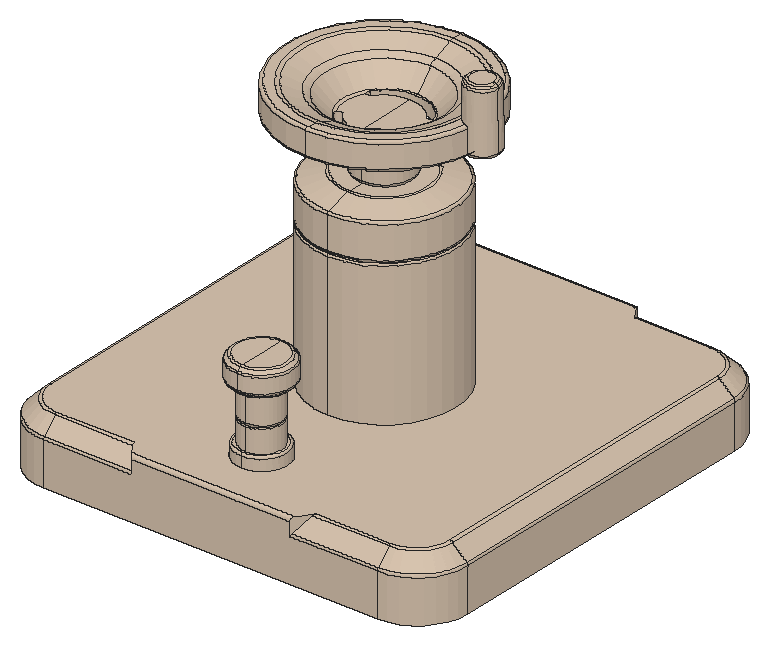
Revit family "Shower-Valve_Trim-KALLISTA-Vice-P34887", category Plumbing Fixtures, host Face, Revit 2021
Family settings
  Host = Face
  Round Connector Dimension = Use Diameter
  Part Type = Normal
  OmniClass Number = 23.31.25.00
  OmniClass Title = Toilet and Bath Specialties
  Cut with Voids When Loaded = No
  Shared = No
  Room Calculation Point = No
Parameters (values of type "AF-French Gold")
  Width = 6 1/2"  # constant formula
  WaterSense Certified = 1 = 0  # no
  Waste Water Outlet = "Waste Water Outlet"  # constant formula
  Waste Connection = 1 = 0  # no
  Vent Connection = 1 = 0  # no
  URL = "https://www.kallista.com/"
  Type = 1
  Product Page URL = ""
  Product Name = "Vice"  # constant formula
  Product Documentation Link = ""
  Pressure = 0.00 psi
  Model = if(Type = 1, "P34887-00-AF", if(Type = 2, "P34887-00-BGP", if(Type = 3, "P34887-00-CP", if(Type = 4, "P34887-00-SN", "NA"))))  # "P34887-00-AF"
  Material = "Premium Metal Construction"  # constant formula
  Master Format 2014 Name = "Residential Showers"  # constant formula
  Master Format 2014 = "22 42 23"  # constant formula
  Manufacturer Address = "444 Highland Dr, Kohler, WI 53044"  # constant formula
  Manufacturer = "Kallista Co."  # constant formula
  Length = 5.48031"  # constant formula
  Hot Water Inlet = "Hot Water Inlet"  # constant formula
  Height = 6 1/2"  # constant formula
  Handle Clearance = 3 13/64"  # constant formula
  HW Connection = 1 = 1  # yes
  Flow Rate = 0 GPM
  Finish = Kallista-Metal-AF-French_Gold
  Environmental Product Declaration = ""
  Drain Included = 1 = 0  # no
  Description = "Pressure Balance Trim Wheel With Diverter"  # constant formula
  Default Elevation = 42"
  Declare Label = ""
  Date Modified = "05/26/2024"  # constant formula
  Date Created = "05/26/2024"  # constant formula
  Copyright = "Copyright Kallista Co."  # constant formula
  Contact Us = "https://www.kallista.com/corporate/contact-us/"
  Cold Water Inlet = "Cold Water Inlet"  # constant formula
  CW Connection = 1 = 1  # yes
  Assembly Code = "D2010700"
  ADA Compliant = 1 = 0  # no
Types (5): name | Type | Model | Finish
  (no name) | 1 | "P34887-00-AF" | Kallista-Metal-AF-French_Gold
  AF-French Gold | 1 | "P34887-00-AF" | Kallista-Metal-AF-French_Gold
  BGP | 2 | "P34887-00-BGP" | Kallista-Metal-BGP
  CP-Chrome | 3 | "P34887-00-CP" | Kallista-Metal-CP-Chrome
  SN-Polished Nickel | 4 | "P34887-00-SN" | Kallista-Metal-SN-Polished_Nickel
Reference planes (in)
  plane 1 "Center (Front/Back)": y = 0
  plane 2: z = 0
  plane 3 "Center (Left/Right)": x = 0
  plane 4: y = 3.25
  plane 5: y = -3.25
  plane 6: x = -3.25
  plane 7: x = 3.25
  plane 8: x = 1.0629921
  plane 9: x = -1.0629921
  plane 10: y = 1.0629921
  plane 11: y = -1.0629921
  plane 12: z = 5.480315
  plane 13: z = 0.9015748
  plane 14: z = 2.2913386
  plane 15: y = -2.7519685
  plane 16: y = -1.8464567
  plane 17: y = -2.2992126
  plane 18: y = -2
  plane 19: y = -2.5984252
  plane 20: y = 1.475884
  plane 21: y = -1.4758876
  plane 22: x = 1.7259843
  plane 23: x = -1.4771407
  plane 24: x = -0.4527559
  plane 25: x = 0.4527559
Dimensions and locks (in)
  "Width": plane 6 to plane 7
  "Height": plane 4 to plane 5
  plane 9 to plane 8 = 2.12598"
  level to plane 13 = 0.90157"
  "Length": level to plane 12
  plane 14 to level = 2.29134"
  plane 16 to plane 15 = 0.90551"
  plane 18 to plane 19 = 0.59843"
  "Handle Clearance": plane 23 to plane 22
  aligned and locked: plane 2 to host face
  aligned and locked: level to host face
  aligned and locked: plane 1 "Center (Front/Back)" to nested 1
  aligned and locked: plane 3 "Center (Left/Right)" to nested 1
Automatic sketch dimensions
  host sketch curve to host sketch curve = 96"  (x2)
Nested families (in)
  nested 1: "P34887" at (0, 0, 0), type "P34887"
Connectors (in)
  piping at (-0.4527559, 0, 0), diameter 0.5, driven by "HW Connection", driven by "Hot Water Inlet"
    settings: on nested 1, index 1, connector inside diameter 24", connector length 0", flow factor 0, pipe flow 0 GPM, pressure drop 0.00 psi, fitting loss kfactor 0, connector angle 0.00°, fixture units 0, engagement length 0", angle of deflection 0.00°, flow configuration 0, flow direction 1, fitting loss method 0, system type 19, joint type 0, gender type 0, connector reference index -1, connector utility 1, adjustable connector no, is connector primary yes, connector description "Hot Water Inlet"
  piping at (0.4527559, 0, 0), diameter 0.5, driven by "CW Connection", driven by "Cold Water Inlet"
    settings: on nested 1, index 2, connector inside diameter 24", connector length 0", flow factor 0, pipe flow 0 GPM, pressure drop 0.00 psi, fitting loss kfactor 0, connector angle 0.00°, fixture units 0, engagement length 0", angle of deflection 0.00°, flow configuration 0, flow direction 1, fitting loss method 0, system type 20, joint type 0, gender type 0, connector reference index -1, connector utility 1, adjustable connector no, is connector primary no, connector description "Cold Water Inlet"
Definition of nested family "P34887"
  Parameters
    Material = none
    Default Elevation = 0"
  Reference planes (in)
    plane 1 "Center (Front/Back)": y = 0
    plane 2: z = 0
    plane 3 "Center (Left/Right)": x = 0
    plane 4: y = -1.0629921
    plane 5: y = 1.0629921
    plane 6: x = -3.25
    plane 7: x = 3.25
    plane 8: y = 3.25
    plane 9: y = -3.25
    plane 10: x = -1.0629921
    plane 11: x = 1.0629921
    plane 12: y = -2.2992126
    plane 13: y = -1.8464567
    plane 14: y = -2.7519685
    plane 15: x = -0.4527559
    plane 16: x = 0.4527559
    plane 17: y = -2
    plane 18: y = -2.5984252
    plane 19: x = 0.2992126
    plane 20: x = -0.2992126
    plane 21: z = 0.9015748
    plane 22: z = 5.480315
    plane 23: z = 2.2913386
    plane 24: y = 1.475884
    plane 25: y = -1.475884
    plane 26: x = 1.7259848
    plane 27: x = -1.475871
  Forms (in)
    Sweep 1, solid, material <- "Material"
      path origin (0, 0, 0) x (1, 0, 0) y (0, 1, 0)
        loop
          line (2.5019685, 3.25) -> (-2.5019685, 3.25)
          arc (-2.5019685, 3.25) -> (-3.0309066, 3.0309066) -> (-3.25, 2.5019685) r 0.7480315
          line (-3.25, 2.5019685) -> (-3.25, -2.5019685)
          arc (-3.25, -2.5019685) -> (-3.0309066, -3.0309066) -> (-2.5019685, -3.25) r 0.7480315
          line (-2.5019685, -3.25) -> (2.5019685, -3.25)
          arc (2.5019685, -3.25) -> (3.0309066, -3.0309066) -> (3.25, -2.5019685) r 0.7480315
          line (3.25, -2.5019685) -> (3.25, 2.5019685)
          arc (3.25, 2.5019685) -> (3.0309066, 3.0309066) -> (2.5019685, 3.25) r 0.7480315
      profile origin (3.25, 0, 0) x (1, 0, 0) y (0, 0, 1)
        loop
          arc (0, 0.6431219) -> (-0.0043223, 0.6648517) -> (-0.0166313, 0.6832733) r 0.0567827
          line (-0.0166313, 0.6832733) -> (-0.2177223, 0.8843643)
          arc (-0.2177223, 0.8843643) -> (-0.2367855, 0.8971019) -> (-0.2592721, 0.9015748) r 0.0587602
          line (-0.2592721, 0.9015748) -> (-0.29697, 0.9015748) -> (-0.29697, 0) -> (0, 0) -> (0, 0.6431219)
    Extrusion 2, solid, material <- "Material"
      sketch origin (0, 0, 0) x (1, 0, 0) y (0, 1, 0)
        loop
          line (2.95303, -2.5019685) -> (2.95303, 2.5019685)
          arc (2.95303, 2.5019685) -> (2.8209171, 2.8209171) -> (2.5019685, 2.95303) r 0.4510615
          line (2.5019685, 2.95303) -> (-2.5019685, 2.95303)
          arc (-2.5019685, 2.95303) -> (-2.8209171, 2.8209171) -> (-2.95303, 2.5019685) r 0.4510615
          line (-2.95303, 2.5019685) -> (-2.95303, -2.5019685)
          arc (-2.95303, -2.5019685) -> (-2.8209171, -2.8209171) -> (-2.5019685, -2.95303) r 0.4510615
          line (-2.5019685, -2.95303) -> (2.5019685, -2.95303)
          arc (2.5019685, -2.95303) -> (2.8209171, -2.8209171) -> (2.95303, -2.5019685) r 0.4510615
      from 0 to 0.9015748
    Extrusion 3, solid, material <- "Material"
      sketch origin (0, 0, 0) x (0, 1, 0) y (0, 0, 1)
        loop
          arc (-3.1909449, 0.9015748) -> (-3.2327032, 0.884278) -> (-3.25, 0.8425197) r 0.0590551
          line (-3.25, 0.8425197) -> (-3.25, 0.5932856) -> (-2.9417108, 0.9015748) -> (-3.1909449, 0.9015748)
        loop
          line (3.1909449, 0.9015748) -> (2.9417108, 0.9015748) -> (3.25, 0.5932856) -> (3.25, 0.8425197)
          arc (3.25, 0.8425197) -> (3.2327032, 0.884278) -> (3.1909449, 0.9015748) r 0.0590551
      from -1.4785255 to 1.4769251
    Revolve 4, solid, material <- "Material", detail levels medium+fine
      sketch origin (0, 0, 0) x (0, 1, 0) y (0, 0, 1)
        loop
          line (-2.2992126, 2.2786392) -> (-2.6643958, 2.2786392)
          arc (-2.6643958, 2.2786392) -> (-2.6821343, 2.2751108) -> (-2.6971723, 2.2650627) r 0.0463529
          line (-2.6971723, 2.2650627) -> (-2.7404373, 2.2217977)
          arc (-2.7404373, 2.2217977) -> (-2.7489716, 2.2090252) -> (-2.7519685, 2.1939589) r 0.0393701
          line (-2.7519685, 2.1939589) -> (-2.7519685, 1.9730804)
          arc (-2.7519685, 1.9730804) -> (-2.7489716, 1.9580141) -> (-2.7404373, 1.9452416) r 0.0393701
          line (-2.7404373, 1.9452416) -> (-2.7026884, 1.9074927)
          arc (-2.7026884, 1.9074927) -> (-2.6899159, 1.8989584) -> (-2.6748496, 1.8959615) r 0.0393701
          line (-2.6748496, 1.8959615) -> (-2.6279528, 1.8959615)
          arc (-2.6279528, 1.8959615) -> (-2.6070736, 1.8873131) -> (-2.5984252, 1.8664339) r 0.0295276
          line (-2.5984252, 1.8664339) -> (-2.5984252, 1.459817)
          arc (-2.5984252, 1.459817) -> (-2.5926596, 1.4458976) -> (-2.5787402, 1.440132) r 0.019685
          arc (-2.5787402, 1.440132) -> (-2.5926596, 1.4343664) -> (-2.5984252, 1.420447) r 0.019685
          line (-2.5984252, 1.420447) -> (-2.5984252, 1.0860393) -> (-2.6445672, 1.0860393)
          arc (-2.6445672, 1.0860393) -> (-2.665283, 1.077553) -> (-2.6740912, 1.0569721) r 0.0295276
          line (-2.6740912, 1.0569721) -> (-2.6771585, 0.8602447) -> (-2.2992126, 0.8602447) -> (-2.2992126, 2.2786392)
        axis (-2.2992126, 2.2786392) -> (-2.2992126, 0.8602447)
      angle from 0 to 360
    Revolve 5, void
      sketch origin (0, 0, 0) x (0, 1, 0) y (0, 0, 1)
        loop
          line (-2.6894617, 0.8602447) -> (-2.5724571, 0.8602447) -> (-2.5724571, 1.0572603) -> (-2.6863898, 1.0572603) -> (-2.6894617, 0.8602447)
        axis (-2.2992126, 1.0572603) -> (-2.2992126, 0.8602447)
      angle from 0 to 360
    Revolve 6, solid, material <- "Material", detail levels medium+fine
      sketch origin (0, 0, 0) x (0, 1, 0) y (0, 0, 1)
        loop
          line (1.0629921, 0.9015748) -> (1.0629921, 3.0306096)
          arc (1.0629921, 3.0306096) -> (1.0572265, 3.044529) -> (1.0433071, 3.0502947) r 0.019685
          line (1.0433071, 3.0502947) -> (0.7780673, 3.0502947)
          arc (0.7780673, 3.0502947) -> (0.7454984, 3.058147) -> (0.7200862, 3.0799784) r 0.071469
          line (0.7200862, 3.0799784) -> (1.0433071, 3.0799784)
          arc (1.0433071, 3.0799784) -> (1.0572265, 3.085744) -> (1.0629921, 3.0996634) r 0.019685
          line (1.0629921, 3.0996634) -> (1.0629921, 3.5834184)
          arc (1.0629921, 3.5834184) -> (1.0551981, 3.6069334) -> (1.0349019, 3.621138) r 0.0393701
          line (1.0349019, 3.621138) -> (0.6852022, 3.7257135)
          arc (0.6852022, 3.7257135) -> (0.6687497, 3.729357) -> (0.651943, 3.73058) r 0.1160851
          line (0.651943, 3.73058) -> (0.3971451, 3.73058)
          arc (0.3971451, 3.73058) -> (0.4168335, 3.7400819) -> (0.4250518, 3.7603397) r 0.0303936
          line (0.4250518, 3.7603397) -> (0.4311055, 4.1058966)
          arc (0.4311055, 4.1058966) -> (0.4351506, 4.1338971) -> (0.4460474, 4.1600055) r 0.1126025
          arc (0.4460474, 4.1600055) -> (0.4529123, 4.1766584) -> (0.4552533, 4.1945181) r 0.069296
          line (0.4552533, 4.1945181) -> (0.4552533, 4.2542908) -> (0.6104282, 4.2542908)
          arc (0.6104282, 4.2542908) -> (0.6265316, 4.2575121) -> (0.6401565, 4.2666804) r 0.0418608
          line (0.6401565, 4.2666804) -> (1.1117797, 4.7424185)
          arc (1.1117797, 4.7424185) -> (1.1465652, 4.7658258) -> (1.1876784, 4.7740501) r 0.1068739
          line (1.1876784, 4.7740501) -> (1.2355474, 4.7740501)
          arc (1.2355474, 4.7740501) -> (1.2912251, 4.7509876) -> (1.3142875, 4.6953099) r 0.0787402
          line (1.3142875, 4.6953099) -> (1.3142875, 4.5672024)
          arc (1.3142875, 4.5672024) -> (1.322936, 4.5463232) -> (1.3438151, 4.5376748) r 0.0295276
          line (1.3438151, 4.5376748) -> (1.4555061, 4.5376748)
          arc (1.4555061, 4.5376748) -> (1.4695352, 4.5435509) -> (1.4751887, 4.5576711) r 0.019685
          line (1.4751887, 4.5576711) -> (1.4699042, 4.8917884)
          arc (1.4699042, 4.8917884) -> (1.4581569, 4.9192239) -> (1.4305391, 4.9305358) r 0.0393701
          line (1.4305391, 4.9305358) -> (1.2885803, 4.9305358)
          arc (1.2885803, 4.9305358) -> (1.2578356, 4.92744) -> (1.2283253, 4.9182768) r 0.1542109
          line (1.2283253, 4.9182768) -> (0.960066, 4.8044075)
          arc (0.960066, 4.8044075) -> (0.9100382, 4.7766767) -> (0.8668692, 4.7391504) r 0.2736072
          line (0.8668692, 4.7391504) -> (0.6186028, 4.4729172)
          arc (0.6186028, 4.4729172) -> (0.5997083, 4.4595639) -> (0.5770563, 4.4548523) r 0.0568077
          line (0.5770563, 4.4548523) -> (0, 4.4548523) -> (0, 0.9015748) -> (1.0629921, 0.9015748)
        axis (0, 4.9305358) -> (0, 0.9015748)
      angle from 0 to 360
    Revolve 7, solid, material <- "Material", detail levels coarse
      sketch origin (0, 0, 0) x (0, 1, 0) y (0, 0, 1)
        loop
          line (1.0629921, 0.9015748) -> (1.0629921, 3.73058) -> (0.4798596, 3.73058) -> (0.4798596, 4.2542908) -> (0.6278741, 4.2542908) -> (1.1117797, 4.7424185)
          arc (1.1117797, 4.7424185) -> (1.1465652, 4.7658258) -> (1.1876784, 4.7740501) r 0.1068739
          line (1.1876784, 4.7740501) -> (1.2355474, 4.7740501)
          arc (1.2355474, 4.7740501) -> (1.2912251, 4.7509876) -> (1.3142875, 4.6953099) r 0.0787402
          line (1.3142875, 4.6953099) -> (1.3142875, 4.5672024)
          arc (1.3142875, 4.5672024) -> (1.322936, 4.5463232) -> (1.3438151, 4.5376748) r 0.0295276
          line (1.3438151, 4.5376748) -> (1.4751887, 4.5376748) -> (1.4751887, 4.9305358) -> (1.2885803, 4.9305358)
          arc (1.2885803, 4.9305358) -> (1.2578356, 4.92744) -> (1.2283253, 4.9182768) r 0.1542109
          line (1.2283253, 4.9182768) -> (0.960066, 4.8044075)
          arc (0.960066, 4.8044075) -> (0.9100382, 4.7766767) -> (0.8668692, 4.7391504) r 0.2736072
          line (0.8668692, 4.7391504) -> (0.6017569, 4.4548523) -> (0, 4.4548523) -> (0, 0.9015748) -> (1.0629921, 0.9015748)
        axis (0, 4.9305358) -> (0, 0.9015748)
      angle from 0 to 360
    Sweep 8, solid, material <- "Material", detail levels medium+fine
      path origin (0, 0, 0) x (1, 0, 0) y (0, 1, 0)
        loop
          circle (1.4728493, -0.0020668) r 0.253022
      profile origin (1.7258714, -0.0020668, 0) x (1, 0, 0) y (0, 0, 1)
        loop
          line (-0.0000039, 4.5571549) -> (-0.0149599, 5.4139814)
          arc (-0.0149599, 5.4139814) -> (-0.0185971, 5.4306135) -> (-0.0283639, 5.4445585) r 0.0433089
          line (-0.0283639, 5.4445585) -> (-0.0519487, 5.4670633)
          arc (-0.0519487, 5.4670633) -> (-0.0672125, 5.4768789) -> (-0.0850317, 5.480315) r 0.0479221
          line (-0.0850317, 5.480315) -> (-0.1266959, 5.480315) -> (-0.1266959, 4.5369086) -> (-0.0198999, 4.5369086)
          arc (-0.0198999, 4.5369086) -> (-0.0057069, 4.5428603) -> (-0.0000039, 4.5571549) r 0.019899
    Extrusion 9, solid, material <- "Material", detail levels medium+fine
      sketch origin (0, 0, 0) x (1, 0, 0) y (0, 1, 0)
        loop
          circle (1.4728493, -0.0020668) r 0.1263261
      from 4.5376748 to 5.480315
    Extrusion 10, solid, material <- "Material", detail levels coarse
      sketch origin (0, 0, 0) x (1, 0, 0) y (0, 1, 0)
        loop
          circle (1.4728493, -0.0020668) r 0.253022
      from 4.5376748 to 5.480315
    Revolve 11, solid, material <- "Material", detail levels coarse
      sketch origin (0, 0, 0) x (0, 1, 0) y (0, 0, 1)
        loop
          line (-2.2992126, 2.2786392) -> (-2.7519685, 2.2786392) -> (-2.7519685, 1.8959615) -> (-2.5984252, 1.8959615) -> (-2.5984252, 1.0860393) -> (-2.673638, 1.0860393) -> (-2.6771585, 0.8602447) -> (-2.2992126, 0.8602447) -> (-2.2992126, 2.2786392)
        axis (-2.2992126, 2.2786392) -> (-2.2992126, 0.8602447)
      angle from 0 to 360
    Extrusion 12, void
      sketch origin (0, 0, 0) x (1, 0, 0) y (0, 1, 0)
        loop
          arc (0.4966864, -0.3386575) -> (0.4818822, -0.2613372) -> (0.4044219, -0.2753907) r 0.0559388
          arc (0.4044219, -0.2753907) -> (0.0009603, -0.485916) -> (-0.4032745, -0.2768789) r 0.4936139
          arc (-0.4032745, -0.2768789) -> (-0.4787609, -0.2634017) -> (-0.4931032, -0.3387286) r 0.0545347
          arc (-0.4931032, -0.3387286) -> (0.0018106, -0.6024589) -> (0.4966864, -0.3386575) r 0.59616
        loop
          arc (0.4966864, 0.3398762) -> (0.0018106, 0.6036776) -> (-0.4931032, 0.3399473) r 0.59616
          arc (-0.4931032, 0.3399473) -> (-0.4787609, 0.2646204) -> (-0.4032745, 0.2780976) r 0.0545347
          arc (-0.4032745, 0.2780976) -> (0.0009603, 0.4871347) -> (0.4044219, 0.2766094) r 0.4936139
          arc (0.4044219, 0.2766094) -> (0.4818822, 0.2625559) -> (0.4966864, 0.3398762) r 0.0559388
      from 4.1857199 to 5.1159726
    Extrusion 13, void
      sketch origin (0, 0.0492126, 0) x (1, 0, 0) y (0, 1, 0)
        loop
          line (-1.1427275, -3.3629723) -> (-1.582877, -2.7343737) -> (-1.582877, -3.3629723) -> (-1.1427275, -3.3629723)
        loop
          line (1.1427275, -3.3629723) -> (1.582877, -3.3629723) -> (1.582877, -2.7343737) -> (1.1427275, -3.3629723)
        loop
          line (-1.1427275, 3.2645471) -> (-1.582877, 3.2645471) -> (-1.582877, 2.6359485) -> (-1.1427275, 3.2645471)
        loop
          line (1.1427275, 3.2645471) -> (1.582877, 2.6359485) -> (1.582877, 3.2645471) -> (1.1427275, 3.2645471)
      from -1.17862 to 1.8959615
    Extrusion 14, solid, material <- "Material"
      sketch origin (0, 0, 0) x (1, 0, 0) y (0, 1, 0)
        loop
          circle (-0.4527559, 0) r 0.1968504
        loop
          circle (0.4527559, 0) r 0.1968504
      from 0 to 0.1935951
  Cuts and joins
    Revolve 5 cuts Sweep 1
    Revolve 5 cuts Extrusion 2
    Revolve 5, Extrusion 13 cuts Extrusion 3
    joined: Sweep 1, Extrusion 2, Extrusion 3
    joined: Sweep 8, Extrusion 9
    Extrusion 12 cuts Revolve 6
  Lines and regions (in)
    Masking region 1
      outline origin (0, 0, 0) x (0, 1, 0) y (0, 0, 1)
        loop
          line (3.25, 0) -> (3.25, 0.8425197)
          arc (3.25, 0.8425197) -> (3.2327032, 0.884278) -> (3.1909449, 0.9015748) r 0.0590551
          line (3.1909449, 0.9015748) -> (1.0629921, 0.9015748) -> (1.0629921, 3.0296903)
          arc (1.0629921, 3.0296903) -> (1.0572265, 3.0436097) -> (1.0433071, 3.0493753) r 0.019685
          line (1.0433071, 3.0493753) -> (0.7780673, 3.0493753)
          arc (0.7780673, 3.0493753) -> (0.7454984, 3.0572276) -> (0.7200862, 3.0790591) r 0.071469
          line (0.7200862, 3.0790591) -> (1.0433071, 3.0790591)
          arc (1.0433071, 3.0790591) -> (1.0572265, 3.0848247) -> (1.0629921, 3.0987441) r 0.019685
          line (1.0629921, 3.0987441) -> (1.0629921, 3.582499)
          arc (1.0629921, 3.582499) -> (1.0551981, 3.6060141) -> (1.0349019, 3.6202186) r 0.0393701
          line (1.0349019, 3.6202186) -> (0.6852022, 3.7247942)
          arc (0.6852022, 3.7247942) -> (0.6687497, 3.7284376) -> (0.651943, 3.7296607) r 0.1160851
          line (0.651943, 3.7296607) -> (0.4324844, 3.7296607)
          arc (0.4324844, 3.7296607) -> (0.4511763, 3.7395608) -> (0.4588826, 3.7592588) r 0.0303936
          line (0.4588826, 3.7592588) -> (0.4649391, 4.1049773)
          arc (0.4649391, 4.1049773) -> (0.4689843, 4.1329777) -> (0.479881, 4.1590861) r 0.1126025
          arc (0.479881, 4.1590861) -> (0.4867459, 4.1757391) -> (0.489087, 4.1935987) r 0.069296
          line (0.489087, 4.1935987) -> (0.489087, 4.2533714) -> (0.6104282, 4.2533714)
          arc (0.6104282, 4.2533714) -> (0.6265316, 4.2565928) -> (0.6401565, 4.265761) r 0.0418608
          line (0.6401565, 4.265761) -> (0.9088069, 4.5367555) -> (1.456202, 4.5367555)
          arc (1.456202, 4.5367555) -> (1.4702424, 4.5426431) -> (1.475884, 4.556784) r 0.019685
          line (1.475884, 4.556784) -> (1.4700354, 4.8918529)
          arc (1.4700354, 4.8918529) -> (1.4582662, 4.9192465) -> (1.4306713, 4.9305358) r 0.0393701
          line (1.4306713, 4.9305358) -> (0.2878907, 4.9305358)
          arc (0.2878907, 4.9305358) -> (0.2616274, 4.937637) -> (0.2425211, 4.9570055) r 0.0521171
          line (0.2425211, 4.9570055) -> (0.2345492, 5.4137142)
          arc (0.2345492, 5.4137142) -> (0.2309147, 5.4304463) -> (0.2211512, 5.4445121) r 0.0438627
          line (0.2211512, 5.4445121) -> (0.1962985, 5.4684945)
          arc (0.1962985, 5.4684945) -> (0.1828107, 5.4772483) -> (0.1670264, 5.480315) r 0.0421549
          line (0.1670264, 5.480315) -> (0, 5.480315) -> (-0.1670264, 5.480315)
          arc (-0.1670264, 5.480315) -> (-0.1828107, 5.4772483) -> (-0.1962985, 5.4684945) r 0.0421549
          line (-0.1962985, 5.4684945) -> (-0.2211512, 5.4445121)
          arc (-0.2211512, 5.4445121) -> (-0.2309147, 5.4304463) -> (-0.2345492, 5.4137142) r 0.0438627
          line (-0.2345492, 5.4137142) -> (-0.2425211, 4.9570055)
          arc (-0.2425211, 4.9570055) -> (-0.2616274, 4.937637) -> (-0.2878907, 4.9305358) r 0.0521171
          line (-0.2878907, 4.9305358) -> (-1.4306713, 4.9305358)
          arc (-1.4306713, 4.9305358) -> (-1.4582662, 4.9192465) -> (-1.4700354, 4.8918529) r 0.0393701
          line (-1.4700354, 4.8918529) -> (-1.475884, 4.556784)
          arc (-1.475884, 4.556784) -> (-1.4702424, 4.5426431) -> (-1.456202, 4.5367555) r 0.019685
          line (-1.456202, 4.5367555) -> (-0.9088069, 4.5367555) -> (-0.6401565, 4.265761)
          arc (-0.6401565, 4.265761) -> (-0.6265316, 4.2565928) -> (-0.6104282, 4.2533714) r 0.0418608
          line (-0.6104282, 4.2533714) -> (-0.489087, 4.2533714) -> (-0.489087, 4.1935987)
          arc (-0.489087, 4.1935987) -> (-0.4867459, 4.1757391) -> (-0.479881, 4.1590861) r 0.069296
          arc (-0.479881, 4.1590861) -> (-0.4689843, 4.1329777) -> (-0.4649391, 4.1049773) r 0.1126025
          line (-0.4649391, 4.1049773) -> (-0.4588826, 3.7592588)
          arc (-0.4588826, 3.7592588) -> (-0.4511763, 3.7395608) -> (-0.4324844, 3.7296607) r 0.0303936
          line (-0.4324844, 3.7296607) -> (-0.651943, 3.7296607)
          arc (-0.651943, 3.7296607) -> (-0.6687497, 3.7284376) -> (-0.6852022, 3.7247942) r 0.1160851
          line (-0.6852022, 3.7247942) -> (-1.0349019, 3.6202186)
          arc (-1.0349019, 3.6202186) -> (-1.0551981, 3.6060141) -> (-1.0629921, 3.582499) r 0.0393701
          line (-1.0629921, 3.582499) -> (-1.0629921, 3.0987441)
          arc (-1.0629921, 3.0987441) -> (-1.0572265, 3.0848247) -> (-1.0433071, 3.0790591) r 0.019685
          line (-1.0433071, 3.0790591) -> (-0.7200862, 3.0790591)
          arc (-0.7200862, 3.0790591) -> (-0.7454984, 3.0572276) -> (-0.7780673, 3.0493753) r 0.071469
          line (-0.7780673, 3.0493753) -> (-1.0433071, 3.0493753)
          arc (-1.0433071, 3.0493753) -> (-1.0572265, 3.0436097) -> (-1.0629921, 3.0296903) r 0.019685
          line (-1.0629921, 3.0296903) -> (-1.0629921, 0.9015748) -> (-1.9219111, 0.9015748) -> (-1.924334, 1.0569721)
          arc (-1.924334, 1.0569721) -> (-1.9331422, 1.077553) -> (-1.953858, 1.0860393) r 0.0295276
          line (-1.953858, 1.0860393) -> (-2, 1.0860393) -> (-2, 1.420447)
          arc (-2, 1.420447) -> (-2.0057656, 1.4343664) -> (-2.019685, 1.440132) r 0.019685
          arc (-2.019685, 1.440132) -> (-2.0057656, 1.4458976) -> (-2, 1.459817) r 0.019685
          line (-2, 1.459817) -> (-2, 1.8664339)
          arc (-2, 1.8664339) -> (-1.9913516, 1.8873131) -> (-1.9704724, 1.8959615) r 0.0295276
          line (-1.9704724, 1.8959615) -> (-1.9235756, 1.8959615)
          arc (-1.9235756, 1.8959615) -> (-1.9085093, 1.8989584) -> (-1.8957368, 1.9074927) r 0.0393701
          line (-1.8957368, 1.9074927) -> (-1.8579879, 1.9452416)
          arc (-1.8579879, 1.9452416) -> (-1.8494536, 1.9580141) -> (-1.8464567, 1.9730804) r 0.0393701
          line (-1.8464567, 1.9730804) -> (-1.8464567, 2.1939589)
          arc (-1.8464567, 2.1939589) -> (-1.8494536, 2.2090252) -> (-1.8579879, 2.2217977) r 0.0393701
          line (-1.8579879, 2.2217977) -> (-1.9159975, 2.2798074)
          arc (-1.9159975, 2.2798074) -> (-1.9287701, 2.2883417) -> (-1.9438364, 2.2913386) r 0.0393701
          line (-1.9438364, 2.2913386) -> (-2.2992126, 2.2913386) -> (-2.6545888, 2.2913386)
          arc (-2.6545888, 2.2913386) -> (-2.6696551, 2.2883417) -> (-2.6824277, 2.2798074) r 0.0393701
          line (-2.6824277, 2.2798074) -> (-2.7404373, 2.2217977)
          arc (-2.7404373, 2.2217977) -> (-2.7489716, 2.2090252) -> (-2.7519685, 2.1939589) r 0.0393701
          line (-2.7519685, 2.1939589) -> (-2.7519685, 1.9730804)
          arc (-2.7519685, 1.9730804) -> (-2.7489716, 1.9580141) -> (-2.7404373, 1.9452416) r 0.0393701
          line (-2.7404373, 1.9452416) -> (-2.7026884, 1.9074927)
          arc (-2.7026884, 1.9074927) -> (-2.6899159, 1.8989584) -> (-2.6748496, 1.8959615) r 0.0393701
          line (-2.6748496, 1.8959615) -> (-2.6279528, 1.8959615)
          arc (-2.6279528, 1.8959615) -> (-2.6070736, 1.8873131) -> (-2.5984252, 1.8664339) r 0.0295276
          line (-2.5984252, 1.8664339) -> (-2.5984252, 1.459817)
          arc (-2.5984252, 1.459817) -> (-2.5926596, 1.4458976) -> (-2.5787402, 1.440132) r 0.019685
          arc (-2.5787402, 1.440132) -> (-2.5926596, 1.4343664) -> (-2.5984252, 1.420447) r 0.019685
          line (-2.5984252, 1.420447) -> (-2.5984252, 1.0860393) -> (-2.6445672, 1.0860393)
          arc (-2.6445672, 1.0860393) -> (-2.665283, 1.077553) -> (-2.6740912, 1.0569721) r 0.0295276
          line (-2.6740912, 1.0569721) -> (-2.6765141, 0.9015748) -> (-3.1909449, 0.9015748)
          arc (-3.1909449, 0.9015748) -> (-3.2327032, 0.884278) -> (-3.25, 0.8425197) r 0.0590551
          line (-3.25, 0.8425197) -> (-3.25, 0) -> (0, 0) -> (3.25, 0)
    Masking region 2
      outline origin (0, 0, 0) x (1, 0, 0) y (0, 1, 0)
        loop
          line (0, 3.25) -> (-2.5019685, 3.25)
          arc (-2.5019685, 3.25) -> (-3.0309066, 3.0309066) -> (-3.25, 2.5019685) r 0.7480315
          line (-3.25, 2.5019685) -> (-3.25, 0) -> (-3.25, -2.5019685)
          arc (-3.25, -2.5019685) -> (-3.0309066, -3.0309066) -> (-2.5019685, -3.25) r 0.7480315
          line (-2.5019685, -3.25) -> (0, -3.25) -> (2.5019685, -3.25)
          arc (2.5019685, -3.25) -> (3.0309066, -3.0309066) -> (3.25, -2.5019685) r 0.7480315
          line (3.25, -2.5019685) -> (3.25, 0) -> (3.25, 2.5019685)
          arc (3.25, 2.5019685) -> (3.0309066, 3.0309066) -> (2.5019685, 3.25) r 0.7480315
          line (2.5019685, 3.25) -> (0, 3.25)
    Masking region 3
      outline origin (0, 0, 0) x (1, 0, 0) y (0, 0, 1)
        loop
          line (3.25, 0) -> (3.25, 0.6431219)
          arc (3.25, 0.6431219) -> (3.2456777, 0.6648517) -> (3.2333687, 0.6832733) r 0.0567827
          line (3.2333687, 0.6832733) -> (3.0322777, 0.8843643)
          arc (3.0322777, 0.8843643) -> (3.0132145, 0.8971019) -> (2.9907279, 0.9015748) r 0.0587602
          line (2.9907279, 0.9015748) -> (1.0629921, 0.9015748) -> (1.0629921, 3.0292723)
          arc (1.0629921, 3.0292723) -> (1.0572265, 3.0431917) -> (1.0433071, 3.0489573) r 0.019685
          line (1.0433071, 3.0489573) -> (0.7753536, 3.0489573)
          arc (0.7753536, 3.0489573) -> (0.7438297, 3.0569907) -> (0.7199951, 3.0791313) r 0.0658685
          line (0.7199951, 3.0791313) -> (1.0433071, 3.0791313)
          arc (1.0433071, 3.0791313) -> (1.0572265, 3.0848969) -> (1.0629921, 3.0988164) r 0.019685
          line (1.0629921, 3.0988164) -> (1.0629921, 3.5889098)
          arc (1.0629921, 3.5889098) -> (1.057149, 3.6065429) -> (1.041932, 3.6171973) r 0.0295276
          line (1.041932, 3.6171973) -> (0.6823419, 3.7248358)
          arc (0.6823419, 3.7248358) -> (0.6661527, 3.7284244) -> (0.6496142, 3.729629) r 0.1141273
          line (0.6496142, 3.729629) -> (0.4284356, 3.729629)
          arc (0.4284356, 3.729629) -> (0.4497602, 3.7381044) -> (0.4588888, 3.7591575) r 0.0300557
          line (0.4588888, 3.7591575) -> (0.4649093, 4.1040675)
          arc (0.4649093, 4.1040675) -> (0.4943324, 4.1805579) -> (0.5660943, 4.2201401) r 0.11958
          arc (0.5660943, 4.2201401) -> (0.597396, 4.2302382) -> (0.6240182, 4.249552) r 0.1046635
          line (0.6240182, 4.249552) -> (0.9113748, 4.5369086) -> (1.7063108, 4.5369086)
          arc (1.7063108, 4.5369086) -> (1.7203454, 4.5427939) -> (1.7259848, 4.5569291) r 0.0196771
          line (1.7259848, 4.5569291) -> (1.7110007, 5.4153684)
          arc (1.7110007, 5.4153684) -> (1.7076646, 5.4306239) -> (1.6987062, 5.4434147) r 0.0397242
          line (1.6987062, 5.4434147) -> (1.6732659, 5.4676901)
          arc (1.6732659, 5.4676901) -> (1.658724, 5.4770414) -> (1.6417476, 5.480315) r 0.0456556
          line (1.6417476, 5.480315) -> (1.476144, 5.480315) -> (1.3105404, 5.480315)
          arc (1.3105404, 5.480315) -> (1.293564, 5.4770414) -> (1.2790221, 5.4676901) r 0.0456556
          line (1.2790221, 5.4676901) -> (1.2535818, 5.4434147)
          arc (1.2535818, 5.4434147) -> (1.2446233, 5.4306239) -> (1.2412872, 5.4153684) r 0.0397242
          line (1.2412872, 5.4153684) -> (1.2328229, 4.9304492) -> (-1.4306593, 4.9304492)
          arc (-1.4306593, 4.9304492) -> (-1.4582542, 4.9191598) -> (-1.4700234, 4.8917662) r 0.0393701
          line (-1.4700234, 4.8917662) -> (-1.475868, 4.5569291)
          arc (-1.475868, 4.5569291) -> (-1.4702286, 4.5427939) -> (-1.456194, 4.5369086) r 0.0196771
          line (-1.456194, 4.5369086) -> (-0.9113748, 4.5369086) -> (-0.6240182, 4.249552)
          arc (-0.6240182, 4.249552) -> (-0.597396, 4.2302382) -> (-0.5660943, 4.2201401) r 0.1046635
          arc (-0.5660943, 4.2201401) -> (-0.4943324, 4.1805579) -> (-0.4649093, 4.1040675) r 0.11958
          line (-0.4649093, 4.1040675) -> (-0.4588888, 3.7591575)
          arc (-0.4588888, 3.7591575) -> (-0.4497602, 3.7381044) -> (-0.4284356, 3.729629) r 0.0300557
          line (-0.4284356, 3.729629) -> (-0.6496142, 3.729629)
          arc (-0.6496142, 3.729629) -> (-0.6661527, 3.7284244) -> (-0.6823419, 3.7248358) r 0.1141273
          line (-0.6823419, 3.7248358) -> (-1.041932, 3.6171973)
          arc (-1.041932, 3.6171973) -> (-1.057149, 3.6065429) -> (-1.0629921, 3.5889098) r 0.0295276
          line (-1.0629921, 3.5889098) -> (-1.0629921, 3.0988164)
          arc (-1.0629921, 3.0988164) -> (-1.0572265, 3.0848969) -> (-1.0433071, 3.0791313) r 0.019685
          line (-1.0433071, 3.0791313) -> (-0.7199951, 3.0791313)
          arc (-0.7199951, 3.0791313) -> (-0.7438297, 3.0569907) -> (-0.7753536, 3.0489573) r 0.0658685
          line (-0.7753536, 3.0489573) -> (-1.0433071, 3.0489573)
          arc (-1.0433071, 3.0489573) -> (-1.0572265, 3.0431917) -> (-1.0629921, 3.0292723) r 0.019685
          line (-1.0629921, 3.0292723) -> (-1.0629921, 0.9015748) -> (-2.9896807, 0.9015748)
          arc (-2.9896807, 0.9015748) -> (-3.0131348, 0.8969095) -> (-3.0330182, 0.8836238) r 0.0612884
          line (-3.0330182, 0.8836238) -> (-3.2332332, 0.6834088)
          arc (-3.2332332, 0.6834088) -> (-3.2456425, 0.6648371) -> (-3.25, 0.6429302) r 0.0572453
          line (-3.25, 0.6429302) -> (-3.25, 0) -> (3.25, 0)
    symbolic lines, detail levels medium+fine
      curve 1: line (-2.1543679, 2.9951402, 0) -> (-2.481119, 2.9951402, 0)
      curve 2: line (-2.9929301, 2.4833292, 0) -> (-2.9929301, 0, 0)
      curve 3: arc (-2.481119, 2.9951402, 0) -> (-2.8430241, 2.8452342, 0) -> (-2.9929301, 2.4833292, 0) r 0.511811
      curve 4: line (-2.0152885, 3.0675404, 0) -> (-1.8875289, 3.25, 0)
      curve 5: arc (-2.0152885, 3.0675404, 0) -> (-2.0759701, 3.014324, 0) -> (-2.1543679, 2.9951402, 0) r 0.1697846
      curve 6: line (-2.9929301, 2.4833292, 0) -> (-3.25, 2.4833292, 0)
      curve 7: line (-2.481119, 2.9951402, 0) -> (-2.481119, 3.25, 0)
      curve 8: line (-2.1543679, 2.9951402, 0) -> (-2.1543679, 3.25, 0)
      curve 9: line (-2.1543679, -2.9951402, 0) -> (-2.481119, -2.9951402, 0)
      curve 10: line (-2.9929301, -2.4833292, 0) -> (-2.9929301, 0, 0)
      curve 11: arc (-2.481119, -2.9951402, 0) -> (-2.8430241, -2.8452342, 0) -> (-2.9929301, -2.4833292, 0) r 0.511811
      curve 12: line (-2.0152885, -3.0675404, 0) -> (-1.8875289, -3.25, 0)
      curve 13: arc (-2.0152885, -3.0675404, 0) -> (-2.0759701, -3.014324, 0) -> (-2.1543679, -2.9951402, 0) r 0.1697846
      curve 14: line (-2.9929301, -2.4833292, 0) -> (-3.25, -2.4833292, 0)
      curve 15: line (-2.481119, -2.9951402, 0) -> (-2.481119, -3.25, 0)
      curve 16: line (-2.1543679, -2.9951402, 0) -> (-2.1543679, -3.25, 0)
      curve 17: line (2.1543679, 2.9951402, 0) -> (2.481119, 2.9951402, 0)
      curve 18: line (2.9929301, 2.4833292, 0) -> (2.9929301, 0, 0)
      curve 19: arc (2.481119, 2.9951402, 0) -> (2.8430241, 2.8452342, 0) -> (2.9929301, 2.4833292, 0) r 0.511811
      curve 20: line (2.0152885, 3.0675404, 0) -> (1.8875289, 3.25, 0)
      curve 21: arc (2.0152885, 3.0675404, 0) -> (2.0759701, 3.014324, 0) -> (2.1543679, 2.9951402, 0) r 0.1697846
      curve 22: line (2.9929301, 2.4833292, 0) -> (3.25, 2.4833292, 0)
      curve 23: line (2.481119, 2.9951402, 0) -> (2.481119, 3.25, 0)
      curve 24: line (2.1543679, 2.9951402, 0) -> (2.1543679, 3.25, 0)
      curve 25: line (2.1543679, -2.9951402, 0) -> (2.481119, -2.9951402, 0)
      curve 26: line (2.9929301, -2.4833292, 0) -> (2.9929301, 0, 0)
      curve 27: arc (2.481119, -2.9951402, 0) -> (2.8430241, -2.8452342, 0) -> (2.9929301, -2.4833292, 0) r 0.511811
      curve 28: line (2.0152885, -3.0675404, 0) -> (1.8875289, -3.25, 0)
      curve 29: arc (2.0152885, -3.0675404, 0) -> (2.0759701, -3.014324, 0) -> (2.1543679, -2.9951402, 0) r 0.1697846
      curve 30: line (2.9929301, -2.4833292, 0) -> (3.25, -2.4833292, 0)
      curve 31: line (2.481119, -2.9951402, 0) -> (2.481119, -3.25, 0)
      curve 32: line (2.1543679, -2.9951402, 0) -> (2.1543679, -3.25, 0)
      curve 33: line (-1.9277438, 3.1925672, 0) -> (1.9277438, 3.1925672, 0)
      curve 34: line (-1.9277438, -3.1925672, 0) -> (1.9277438, -3.1925672, 0)
      curve 35: arc (1.4448433, 0.2922472, 0) -> (-1.4810873, -0.0031876, 0) -> (1.445615, -0.2908773, 0) r 1.4776844
      curve 36: arc (1.4923913, 0.2501994, 0) -> (1.6578401, 0.1705558, 0) -> (1.7258629, 0, 0) r 0.253022
      curve 37: arc (1.4923913, 0.2501994, 0) -> (1.4615711, 0.2632554, 0) -> (1.4448433, 0.2922472, 0) r 0.0526646
      curve 38: arc (1.4915716, -0.2502616, 0) -> (1.6575594, -0.1708561, 0) -> (1.7258629, 0, 0) r 0.253022
      curve 39: arc (1.445615, -0.2908773, 0) -> (1.4617537, -0.2628305, 0) -> (1.4915716, -0.2502616, 0) r 0.0506907
      curve 40: arc (1.3992512, 0.2841546, 0) -> (-1.4338709, -0.0009089, 0) -> (1.3992512, -0.2859724, 0) r 1.4309023
      curve 41: arc (1.3992512, 0.2841546, 0) -> (1.3340391, 0.2507292, 0) -> (1.278729, 0.2026597, 0) r 0.3037661
      curve 42: arc (1.4155973, 0.2205849, 0) -> (1.3763506, 0.2065946, 0) -> (1.3402735, 0.1857503, 0) r 0.2298948
      curve 43: arc (1.4274133, -0.1757328, 0) -> (1.5474733, 0.1697225, 0) -> (1.3711533, -0.1506914, 0) r 0.1835134
      curve 44: circle (1.4728493, -0.0020668, 0) r 0.175364 normal (0, 0, 1)
      curve 45: line (1.3992512, 0.2841546, 0) -> (1.4155973, 0.2205849, 0)
      curve 46: arc (1.3402735, 0.1857503, 0) -> (1.5693481, -0.2107283, 0) -> (1.4155973, 0.2205849, 0) r 0.2298948
      curve 47: line (1.3992512, -0.2859724, 0) -> (1.4149425, -0.2245492, 0)
      curve 48: arc (1.3711533, -0.1506914, 0) -> (1.3982254, -0.1655888, 0) -> (1.4274133, -0.1757328, 0) r 0.1835134
      curve 49: arc (1.2760875, 0.1996953, 0) -> (-1.2976602, -0.0009089, 0) -> (1.2760875, -0.2015131, 0) r 1.2946916
      curve 50: circle (-0.0029685, -0.0009089, 0) r 0.984252 normal (0, 0, 1)
      curve 51: circle (-0.0029685, -0.0009089, 0) r 0.9153865 normal (0, 0, 1)
      curve 52: arc (-0.4168981, 0.2723042, 0) -> (-0.0140246, 0.4778267, 0) -> (0.3863864, 0.2675468, 0) r 0.4919235
      curve 53: arc (-0.4902007, 0.3223568, 0) -> (-0.0064322, 0.5890195, 0) -> (0.4843848, 0.3355641, 0) r 0.5866224
      curve 54: arc (0.4843848, 0.3355641, 0) -> (0.4692977, 0.2526953, 0) -> (0.3863864, 0.2675468, 0) r 0.0596451
      curve 55: arc (-0.4168981, 0.2723042, 0) -> (-0.4780234, 0.2614881, 0) -> (-0.4902007, 0.3223568, 0) r 0.0443916
      curve 56: arc (-0.4168981, -0.2723042, 0) -> (-0.0140246, -0.4778267, 0) -> (0.3863864, -0.2675468, 0) r 0.4919235
      curve 57: arc (-0.4902007, -0.3223568, 0) -> (-0.0064322, -0.5890195, 0) -> (0.4843848, -0.3355641, 0) r 0.5866224
      curve 58: arc (0.4843848, -0.3355641, 0) -> (0.4692977, -0.2526953, 0) -> (0.3863864, -0.2675468, 0) r 0.0596451
      curve 59: arc (-0.4168981, -0.2723042, 0) -> (-0.4780234, -0.2614881, 0) -> (-0.4902007, -0.3223568, 0) r 0.0443916
      curve 60: arc (-0.2651686, -0.2445865, 0) -> (-0.1346637, 0.336319, 0) -> (0.3614132, 0.007092, 0) r 0.3614191
      curve 61: arc (-0.1568333, -0.138413, 0) -> (-0.0738522, 0.189313, 0) -> (0.2104395, 0.0063693, 0) r 0.2082105
      curve 62: line (-0.2349857, -0.2451679, 0) -> (-0.1581207, -0.1683029, 0)
      curve 63: arc (-0.1581207, -0.1683029, 0) -> (-0.1516602, -0.1536085, 0) -> (-0.1568333, -0.138413, 0) r 0.0221276
      curve 64: arc (-0.2349857, -0.2451679, 0) -> (-0.2502009, -0.2512992, 0) -> (-0.2651686, -0.2445865, 0) r 0.0209469
      curve 65: line (0.2104395, 0.0063693, 0) -> (0.1294195, 0.0063693, 0)
      curve 66: line (0.2856763, -0.1671714, 0) -> (0.1294195, 0.0063693, 0)
      curve 67: line (0.2856763, -0.1671714, 0) -> (0.4371612, 0.007092, 0)
      curve 68: line (0.3614132, 0.007092, 0) -> (0.4371612, 0.007092, 0)
      curve 69: arc (1.278729, 0.2026597, 0) -> (1.2004326, 0.0010764, 0) -> (1.2760875, -0.2015131, 0) r 0.3037661
      curve 70: arc (1.2760875, -0.2015131, 0) -> (1.3323981, -0.2514296, 0) -> (1.3992512, -0.2859724, 0) r 0.3037661
      curve 71: line (1.4453261, 0, 4.5369086) -> (1.4453261, 0, 4.888307)
      curve 72: line (1.2328229, 0, 4.9304492) -> (1.4031839, 0, 4.9304492)
      curve 73: arc (1.4031839, 0, 4.9304492) -> (1.4329829, 0, 4.918106) -> (1.4453261, 0, 4.888307) r 0.0421422
      curve 74: line (3.25, 0, 0.6431219) -> (2.1656284, 0, 0.6431219)
      curve 75: line (2.0121639, 0, 0.7230104) -> (1.8871318, 0, 0.9015748)
      curve 76: arc (2.1656284, 0, 0.6431219) -> (2.0791219, 0, 0.6642899) -> (2.0121639, 0, 0.7230104) r 0.1873456
      curve 77: line (2.1656284, 0, 0.6431219) -> (2.1656284, 0, 0.9015748)
      curve 78: line (-3.25, 0, 0.6429302) -> (-2.1771972, 0, 0.6429302)
      curve 79: line (-1.8866497, 0, 0.9015748) -> (-2.0049808, 0, 0.7325804)
      curve 80: arc (-2.0049808, 0, 0.7325804) -> (-2.0801204, 0, 0.6666848) -> (-2.1771972, 0, 0.6429302) r 0.2102374
      curve 81: line (-2.1771972, 0, 0.6429302) -> (-2.1771972, 0, 0.9015748)
      curve 82: line (1.0629921, 0, 0.9015748) -> (-1.0629921, 0, 0.9015748)
      curve 83: line (1.9286704, 0, 0.8422516) -> (-1.9281883, 0, 0.8422516)
      curve 84: line (0.7199951, 0, 3.0791313) -> (-0.7199951, 0, 3.0791313)
      curve 85: line (0.7753536, 0, 3.0489573) -> (-0.7753536, 0, 3.0489573)
      curve 86: line (1.0629921, 0, 3.0292723) -> (-1.0629921, 0, 3.0292723)
      curve 87: line (1.0629921, 0, 3.0988164) -> (-1.0629921, 0, 3.0988164)
      curve 88: line (1.0629921, 0, 3.5889098) -> (-1.0629921, 0, 3.5889098)
      curve 89: line (1.041932, 0, 3.6171973) -> (-1.041932, 0, 3.6171973)
      curve 90: line (0.4284356, 0, 3.729629) -> (-0.4284356, 0, 3.729629)
      curve 91: line (0.4588888, 0, 3.7591575) -> (-0.4588888, 0, 3.7591575)
      curve 92: line (0.4649093, 0, 4.1040675) -> (-0.4649093, 0, 4.1040675)
      curve 93: line (0.5138281, 0, 4.2587129) -> (0, 0, 4.2587129)
      curve 94: arc (0.5183077, 0, 4.2267315) -> (0.4710061, 0, 4.208912) -> (0.4272457, 0, 4.1836136) r 0.3087587
      curve 95: line (0.3826659, 0, 4.1696739) -> (0, 0, 4.1696739)
      curve 96: arc (0.4272457, 0, 4.1836136) -> (0.4060201, 0, 4.1732401) -> (0.3826659, 0, 4.1696739) r 0.0782541
      curve 97: arc (0.5183077, 0, 4.2267315) -> (0.5299749, 0, 4.2446702) -> (0.5138281, 0, 4.2587129) r 0.0163045
      curve 98: line (-0.5138281, 0, 4.2587129) -> (0, 0, 4.2587129)
      curve 99: arc (-0.5183077, 0, 4.2267315) -> (-0.4710061, 0, 4.208912) -> (-0.4272457, 0, 4.1836136) r 0.3087587
      curve 100: line (-0.3826659, 0, 4.1696739) -> (0, 0, 4.1696739)
      curve 101: arc (-0.4272457, 0, 4.1836136) -> (-0.4060201, 0, 4.1732401) -> (-0.3826659, 0, 4.1696739) r 0.0782541
      curve 102: arc (-0.5183077, 0, 4.2267315) -> (-0.5299749, 0, 4.2446702) -> (-0.5138281, 0, 4.2587129) r 0.0163045
      curve 103: line (0.9113748, 0, 4.5369086) -> (-0.9113748, 0, 4.5369086)
      curve 104: line (1.7259848, 0, 4.5569291) -> (-1.475868, 0, 4.5569291)
      curve 105: line (1.4453261, 0, 4.888307) -> (-1.4700234, 0, 4.8917662)
      curve 106: line (1.4855964, 0, 4.5369086) -> (1.4855964, 0, 4.8990767)
      curve 107: line (1.3230815, 0, 4.9790112) -> (1.4056619, 0, 4.9790112)
      curve 108: line (1.2330561, 0, 4.9438078) -> (1.2608242, 0, 4.9611592)
      curve 109: arc (1.2608242, 0, 4.9611592) -> (1.2906984, 0, 4.9744601) -> (1.3230815, 0, 4.9790112) r 0.1174846
      curve 110: arc (1.4056619, 0, 4.9790112) -> (1.4621842, 0, 4.9555989) -> (1.4855964, 0, 4.8990767) r 0.0799345
      curve 111: line (1.6732659, 0, 5.4676901) -> (1.2790221, 0, 5.4676901)
      curve 112: line (1.6987062, 0, 5.4434147) -> (1.2535818, 0, 5.4434147)
      curve 113: line (1.7110007, 0, 5.4153684) -> (1.2412872, 0, 5.4153684)
      curve 114: circle (0, -2.2992126, 0) r 0.4527559 normal (0, 0, 1)
      curve 115: circle (0, -2.2992126, 0) r 0.3802933 normal (0, 0, 1)
      curve 116: circle (0, -2.2992126, 0) r 0.3603696 normal (0, 0, 1)
      curve 117: line (0, 3.25, 0.6445638) -> (0, 0, 0.6445638)
      curve 118: line (0, 3.25, 0.6794076) -> (0, 0.0123602, 0.6794076)
      curve 119: line (0, 3.25, 0.6794076) -> (0, 3.0278328, 0.9015748)
      curve 120: line (0, 1.0629921, 0.9015748) -> (0, 0, 0.9015748)
      curve 121: line (0, 1.0629921, 3.0296903) -> (0, 0, 3.0296903)
      curve 122: line (0, 0.7780673, 3.0493753) -> (0, 0, 3.0493753)
      curve 123: line (0, 0.7200862, 3.0790591) -> (0, 0, 3.0790591)
      curve 124: line (0, 1.0629921, 3.0987441) -> (0, 0, 3.0987441)
      curve 125: line (0, 1.0629921, 3.582499) -> (0, 0, 3.582499)
      curve 126: line (0, 1.0349019, 3.6202186) -> (0, 0, 3.6202186)
      curve 127: line (0, 0.6852022, 3.7247942) -> (0, 0, 3.7247942)
      curve 128: line (0, 0.4324844, 3.7296607) -> (0, 0, 3.7296607)
      curve 129: line (0, 0.4588826, 3.7592588) -> (0, 0, 3.7592588)
      curve 130: line (0, 0.4649391, 4.1049773) -> (0, 0, 4.1049773)
      curve 131: line (0, 0.489087, 4.2533714) -> (0, 0.3578185, 4.2533714)
      curve 132: arc (0, 0.3264747, 4.2458912) -> (0, 0.294502, 4.2315229) -> (0, 0.2613401, 4.2201651) r 0.3796008
      curve 133: arc (0, 0.3578185, 4.2533714) -> (0, 0.3417065, 4.2514755) -> (0, 0.3264747, 4.2458912) r 0.0694091
      curve 134: line (0, 0.489087, 4.1935987) -> (0, 0.2890816, 4.1935987)
      curve 135: arc (0, 0.2890816, 4.1935987) -> (0, 0.2698764, 4.2013115) -> (0, 0.2613401, 4.2201651) r 0.0277675
      curve 136: line (0, 0.479881, 4.1590861) -> (0, 0.2996126, 4.1590861)
      curve 137: arc (0, 0.2996126, 4.1590861) -> (0, 0.263573, 4.1790338) -> (0, 0.2613401, 4.2201651) r 0.0425304
      curve 138: line (0, 0, 4.2185066) -> (0, 0.1760029, 4.2185066)
      curve 139: arc (0, 0.1760029, 4.2185066) -> (0, 0.2186796, 4.2189213) -> (0, 0.2613401, 4.2201651) r 2.1962914
      curve 140: line (0, 0.9088069, 4.5367555) -> (0, 0, 4.5367555)
      curve 141: line (0, 1.475884, 4.556784) -> (0, 0, 4.556784)
      curve 142: line (0, 1.4700354, 4.8918529) -> (0, 0, 4.8918529)
      curve 143: line (0, 0.2878907, 4.9305358) -> (0, 0, 4.9305358)
      curve 144: line (0, 0.2421342, 4.97917) -> (0, 0.1825343, 4.97917)
      curve 145: arc (0, 0.1825343, 4.97917) -> (0, 0.0922883, 4.9561763) -> (0, 0, 4.943689) r 0.8103389
      curve 146: line (0, 0.1962985, 5.4684945) -> (0, 0, 5.4684945)
      curve 147: line (0, 0.2211512, 5.4445121) -> (0, 0, 5.4445121)
      curve 148: line (0, 0.2345492, 5.4137142) -> (0, 0, 5.4137142)
      curve 149: line (0, -3.25, 0.6445638) -> (0, 0, 0.6445638)
      curve 150: line (0, -3.25, 0.6794076) -> (0, -0.0123602, 0.6794076)
      curve 151: line (0, -3.25, 0.6794076) -> (0, -3.0278328, 0.9015748)
      curve 152: line (0, -1.0629921, 0.9015748) -> (0, 0, 0.9015748)
      curve 153: line (0, -1.0629921, 3.0296903) -> (0, 0, 3.0296903)
      curve 154: line (0, -0.7780673, 3.0493753) -> (0, 0, 3.0493753)
      curve 155: line (0, -0.7200862, 3.0790591) -> (0, 0, 3.0790591)
      curve 156: line (0, -1.0629921, 3.0987441) -> (0, 0, 3.0987441)
      curve 157: line (0, -1.0629921, 3.582499) -> (0, 0, 3.582499)
      curve 158: line (0, -1.0349019, 3.6202186) -> (0, 0, 3.6202186)
      curve 159: line (0, -0.6852022, 3.7247942) -> (0, 0, 3.7247942)
      curve 160: line (0, -0.4324844, 3.7296607) -> (0, 0, 3.7296607)
      curve 161: line (0, -0.4588826, 3.7592588) -> (0, 0, 3.7592588)
      curve 162: line (0, -0.4649391, 4.1049773) -> (0, 0, 4.1049773)
      curve 163: line (0, -0.489087, 4.2533714) -> (0, -0.3578185, 4.2533714)
      curve 164: arc (0, -0.3264747, 4.2458912) -> (0, -0.294502, 4.2315229) -> (0, -0.2613401, 4.2201651) r 0.3796008
      curve 165: arc (0, -0.3578185, 4.2533714) -> (0, -0.3417065, 4.2514755) -> (0, -0.3264747, 4.2458912) r 0.0694091
      curve 166: line (0, -0.489087, 4.1935987) -> (0, -0.2890816, 4.1935987)
      curve 167: arc (0, -0.2890816, 4.1935987) -> (0, -0.2698764, 4.2013115) -> (0, -0.2613401, 4.2201651) r 0.0277675
      curve 168: line (0, -0.479881, 4.1590861) -> (0, -0.2996126, 4.1590861)
      curve 169: arc (0, -0.2996126, 4.1590861) -> (0, -0.263573, 4.1790338) -> (0, -0.2613401, 4.2201651) r 0.0425304
      curve 170: line (0, 0, 4.2185066) -> (0, -0.1760029, 4.2185066)
      curve 171: arc (0, -0.1760029, 4.2185066) -> (0, -0.2186796, 4.2189213) -> (0, -0.2613401, 4.2201651) r 2.1962914
      curve 172: line (0, -0.9088069, 4.5367555) -> (0, 0, 4.5367555)
      curve 173: line (0, -1.475884, 4.556784) -> (0, 0, 4.556784)
      curve 174: line (0, -1.4700354, 4.8918529) -> (0, 0, 4.8918529)
      curve 175: line (0, -0.2878907, 4.9305358) -> (0, 0, 4.9305358)
      curve 176: line (0, -0.2421342, 4.97917) -> (0, -0.1825343, 4.97917)
      curve 177: arc (0, -0.1825343, 4.97917) -> (0, -0.0922883, 4.9561763) -> (0, 0, 4.943689) r 0.8103389
      curve 178: line (0, -0.1962985, 5.4684945) -> (0, 0, 5.4684945)
      curve 179: line (0, -0.2211512, 5.4445121) -> (0, 0, 5.4445121)
      curve 180: line (0, -0.2345492, 5.4137142) -> (0, 0, 5.4137142)
      curve 181: line (0, -2.5787402, 1.440132) -> (0, -2.019685, 1.440132)
      curve 182: line (0, -2.6765141, 0.9015748) -> (0, -1.9219111, 0.9015748)
      curve 183: line (0, -1.924334, 1.0569721) -> (0, -2.6740912, 1.0569721)
      curve 184: line (0, -2, 1.0860393) -> (0, -2.5984252, 1.0860393)
      curve 185: line (0, -2, 1.420447) -> (0, -2.5984252, 1.420447)
      curve 186: line (0, -2, 1.459817) -> (0, -2.5984252, 1.459817)
      curve 187: line (0, -2, 1.8664339) -> (0, -2.5984252, 1.8664339)
      curve 188: line (0, -1.9704724, 1.8959615) -> (0, -2.6279528, 1.8959615)
      curve 189: line (0, -1.8579879, 1.9452416) -> (0, -2.7404373, 1.9452416)
      curve 190: line (0, -1.8464567, 1.9730804) -> (0, -2.7519685, 1.9730804)
      curve 191: line (0, -1.8464567, 2.1939589) -> (0, -2.7519685, 2.1939589)
      curve 192: line (0, -1.8579879, 2.2217977) -> (0, -2.7404373, 2.2217977)
      curve 193: line (0, -1.9148294, 2.2786392) -> (0, -2.6835958, 2.2786392)
  Dimensions and locks (in)
    aligned and locked: plane 2 to level
    aligned and locked: Masking region 3 sketch curve to level
    aligned and locked: plane 5 to Masking region 1 sketch curve
    aligned and locked: Masking region 1 sketch curve to plane 5
    aligned and locked: Masking region 1 sketch curve to plane 4
    aligned and locked: plane 4 to Masking region 1 sketch curve
    aligned and locked: plane 23 to Masking region 1 sketch curve
    aligned and locked: plane 15 to Extrusion 14 sketch curve
    aligned and locked: plane 1 "Center (Front/Back)" to Extrusion 14 sketch curve  (x2)
    aligned and locked: plane 16 to Extrusion 14 sketch curve
    aligned and locked: Extrusion 14 to level
    aligned and locked: plane 11 to Masking region 3 sketch curve
